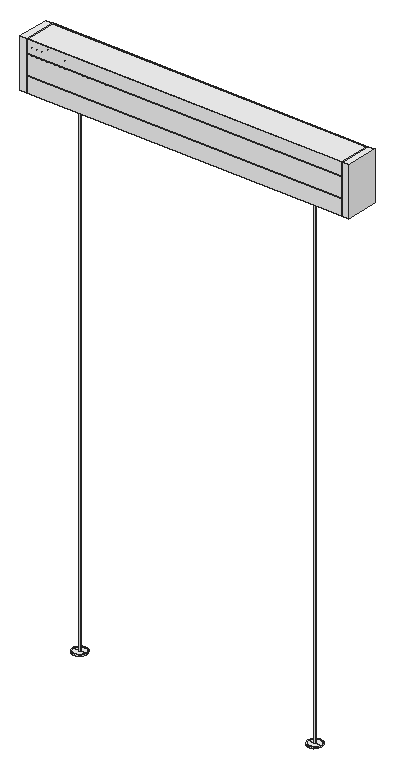
Revit family "2.3 inch  MAGIC WALL WASH LINEAR LIGHT", category Lighting Fixtures, host Face, Revit 2020 (continued)
Types (17): name | Wattage Comments | Wattage | Wall Mount | Suspenders Distance | Surface Mount | Recessed Mount | Photometric Web File | Pendent Mount | Order number | built-in parameter 1150142 | Model | built-in parameter 1150105 | Lumens | Light Source Height | Light Source Distance | built-in parameter 1150106 | Fixture Length
    5.52   774.35   \r\n 763.27   752.28   741.36   730.48   719.70   709.01   698.44   688.08   677.81   667.65   \r\n 657.58   647.74   638.05   628.45   618.92   609.47   600.14   590.90   581.73   572.65   \r\n 563.70   554.97   545.42   535.45   525.55   515.70   505.85   496.08   486.39   476.76   \r\n 467.22   457.87   448.57   439.34   430.17   421.06   412.03   403.07   394.18   385.35   \r\n 376.59   367.90   359.28   350.74   342.24   333.80   325.40   317.06   308.76   300.48   \r\n 292.41   284.47   276.58   268.73   260.93   253.18   245.50   237.86   230.27   222.71   \r\n 215.19   207.71   200.27   192.87   185.50   178.16   170.86   163.58   156.34   149.12   \r\n 141.94   134.78   127.64   120.53   113.45   106.39   101.50   97.30    93.12    88.96    \r\n 84.81    80.68    76.57    72.46    68.38    64.30    60.23    56.18    52.13    48.10    \r\n 44.07    40.05    36.04    32.03    28.03    24.04    20.04    16.06    12.07    8.08     \r\n 4.10     4.10     4.10     4.10     4.10     4.10     4.10     4.10     4.10     4.10     \r\n 4.10     4.10     4.10     4.10     4.10     4.10     4.10     4.10     4.10     4.10     \r\n 4.10     4.10     4.10     4.10     4.09     4.09     4.09     4.09     4.10     4.10     \r\n 4.10     4.09     4.09     4.09     4.09     4.08     4.08     4.07     4.06     4.06     \r\n 4.05     4.04     4.03     4.02     4.00     3.99     3.98     3.96     3.95     3.93     \r\n 3.91     3.90     3.89     3.89     3.88     3.88     3.88     3.88     3.88     3.88     \r\n 3.88     3.89     3.89     3.90     3.92     3.94     3.96     3.98     4.01     4.03     \r\n 4.06     4.10     4.14     4.19     4.23     4.27     4.32     4.37     4.41     4.47     \r\n 4.54     4.60     4.67     4.74     4.82     4.89     4.97     5.05     5.13     5.21     \r\n 5.30     5.37     5.45     5.53     5.61     5.68     5.75     5.81     5.88     5.94     \r\n 6.01     6.07     6.13     6.19     6.24     6.29     6.34     6.38     6.43     6.48     \r\n 6.50     6.48     6.46     6.44     6.42     6.40     6.38     6.36     6.34     6.32     \r\n 6.30     6.28     6.25     6.23     6.20     6.17     6.15     6.11     6.08     6.05     \r\n 6.01     5.98     5.95     5.93     5.90     5.86     5.83     5.79     5.76     5.73     \r\n 5.70     5.67     5.62     5.57     5.53     5.48     5.44     5.40     5.36     5.32     \r\n 5.28     5.24     5.20     5.17     5.13     5.09     5.05     5.02     4.98     4.95     \r\n 4.91     4.88     4.85     4.81     4.78     4.75     4.72     4.68     4.65     4.62     \r\n 4.59     4.56     4.53     4.50     4.47     4.44     4.41     4.37     4.34     4.30     \r\n 4.26     \r\n1793.11  1783.38  1773.66  1763.94  1754.22  1743.89  1733.57  1723.26  1712.96  1702.78  \r\n 1692.61  1682.45  1672.30  1661.85  1651.37  1640.89  1630.39  1619.84  1609.27  1598.69  \r\n 1588.10  1577.10  1566.09  1555.08  1544.10  1533.06  1522.06  1511.10  1500.19  1488.85  \r\n 1477.42  1466.01  1454.64  1443.23  1431.81  1417.88  1402.41  1386.68  1370.75  1354.91  \r\n 1339.17  1323.55  1308.06  1292.68  1277.40  1262.23  1247.24  1232.36  1217.60  1202.95  \r\n 1188.41  1173.98  1159.68  1145.51  1131.58  1117.86  1104.25  1090.74  1077.39  1064.53  \r\n 1051.79  1039.18  1026.70  1014.13  1001.55  989.07   976.69   964.51   952.16   939.12   \r\n 926.19   913.36   900.57   887.82   875.20   862.69   850.31   838.27   826.46   814.74   \r\n 803.12   791.59   780.17   768.89   757.73   746.70   735.79   725.04   714.41   703.88   \r\n 693.45   683.12   673.01   663.14   653.36   643.65   634.03   624.49   614.94   604.32   \r\n 593.48   582.72   572.04   561.48   551.08   540.76   530.52   520.35   510.25   500.24   \r\n 490.38   480.59   470.86   461.21   451.62   442.10   432.65   423.26   413.94   404.67   \r\n 395.46   386.32   377.23   368.23   359.32   350.45   341.63   332.90   324.48   316.10   \r\n 307.75   299.44   291.15   282.90   274.70   266.54   258.42   250.35   242.31   234.32   \r\n 226.37   218.45   210.57   202.73   194.91   187.13   179.37   171.65   163.95   156.28   \r\n 148.63   141.01   133.42   125.85   118.69   114.14   109.60   105.08   100.57   96.08    \r\n 91.60    87.14    82.68    78.24    73.82    69.40    64.99    60.59    56.20    51.82    \r\n 47.44    43.08    38.72    34.36    30.01    25.66    21.32    16.98    12.64    8.30     \r\n 3.96     3.96     3.96     3.96     3.96     3.96     3.96     3.96     3.96     3.96     \r\n 3.96     3.96     3.96     3.96     3.96     3.96     3.95     3.95     3.95     3.95     \r\n 3.95     3.94     3.94     3.94     3.93     3.93     3.92     3.91     3.89     3.87     \r\n 3.85     3.83     3.81     3.79     3.77     3.75     3.73     3.70     3.68     3.65     \r\n 3.62     3.60     3.58     3.56     3.54     3.52     3.50     3.49     3.47     3.45     \r\n 3.43     3.41     3.39     3.38     3.41     3.45     3.49     3.53     3.57     3.61     \r\n 3.65     3.69     3.73     3.77     3.81     3.85     3.90     3.94     3.98     4.03     \r\n 4.07     4.12     4.17     4.22     4.27     4.32     4.37     4.43     4.48     4.54     \r\n 4.59     4.65     4.71     4.79     4.86     4.93     5.00     5.08     5.15     5.21     \r\n 5.28     5.34     5.40     5.46     5.52     5.58     5.64     5.70     5.76     5.82     \r\n 5.88     5.94     5.99     6.05     6.10     6.16     6.22     6.27     6.32     6.36     \r\n 6.40     6.43     6.47     6.48     6.46     6.43     6.41     6.39     6.36     6.33     \r\n 6.30     6.26     6.23     6.20     6.17     6.15     6.12     6.08     6.04     6.00     \r\n 5.97     5.93     5.90     5.86     5.83     5.80     5.76     5.72     5.67     5.63     \r\n 5.59     5.55     5.50     5.46     5.42     5.37     5.33     5.29     5.25     5.22     \r\n 5.18     5.15     5.11     5.08     5.04     5.01     4.98     4.95     4.92     4.89     \r\n 4.86     4.82     4.79     4.76     4.73     4.70     4.68     4.65     4.62     4.59     \r\n 4.56     4.54     4.51     4.48     4.45     4.42     4.40     4.36     4.33     4.29     \r\n 4.26     \r\n1793.11  1784.37  1775.63  1766.89  1758.16  1749.29  1740.05  1730.82  1721.59  1712.38  \r\n 1703.22  1694.11  1685.02  1675.94  1666.88  1657.58  1648.21  1638.83  1629.44  1620.04  \r\n 1610.60  1601.14  1591.68  1582.20  1572.66  1562.87  1553.09  1543.33  1533.59  1523.86  \r\n 1514.16  1504.51  1494.90  1485.07  1470.87  1456.43  1442.05  1427.72  1413.44  1399.18  \r\n 1384.94  1370.76  1356.63  1342.57  1328.34  1314.01  1299.76  1285.60  1271.52  1257.57  \r\n 1243.74  1230.01  1216.37  1202.82  1189.40  1176.16  1163.03  1149.99  1137.05  1124.22  \r\n 1111.53  1098.95  1086.47  1074.11  1061.85  1049.75  1035.36  1021.10  1006.98  993.00   \r\n 979.22   965.88   952.66   939.55   926.56   913.68   900.85   888.08   875.46   862.98   \r\n 850.64   838.45   826.64   815.09   803.63   792.26   780.97   769.77   758.66   747.66   \r\n 736.76   725.96   715.25   704.63   694.12   683.78   673.00   661.40   649.90   638.47   \r\n 627.14   615.92   604.93   594.00   583.14   572.35   561.63   550.97   540.38   529.83   \r\n 519.35   508.95   498.61   488.34   478.15   468.02   457.96   448.01   438.11   428.27   \r\n 418.49   408.75   399.07   389.44   379.86   370.45   361.47   352.53   343.63   334.77   \r\n 325.95   317.16   308.42   299.71   291.04   282.41   273.82   265.26   256.74   248.25   \r\n 239.80   231.37   222.98   214.61   206.28   197.97   189.69   181.44   173.21   165.02   \r\n 156.84   148.69   140.56   133.40   128.47   123.56   118.65   113.77   108.89   104.03   \r\n 99.18    94.34    89.51    84.70    79.89    75.09    70.30    65.52    60.74    55.97    \r\n 51.21    46.46    41.71    36.96    32.22    27.48    22.75    18.01    13.28    8.55     \r\n 3.82     3.82     3.82     3.82     3.82     3.82     3.82     3.82     3.81     3.81     \r\n 3.81     3.81     3.81     3.80     3.80     3.80     3.80     3.79     3.79     3.79     \r\n 3.78     3.78     3.77     3.77     3.77     3.76     3.75     3.75     3.73     3.72     \r\n 3.70     3.68     3.67     3.65     3.64     3.62     3.61     3.59     3.58     3.57     \r\n 3.55     3.54     3.53     3.51     3.50     3.49     3.47     3.46     3.45     3.44     \r\n 3.43     3.42     3.41     3.40     3.39     3.38     3.42     3.46     3.51     3.56     \r\n 3.61     3.66     3.71     3.76     3.81     3.87     3.92     3.97     4.03     4.08     \r\n 4.13     4.19     4.24     4.30     4.36     4.42     4.47     4.53     4.59     4.65     \r\n 4.72     4.78     4.85     4.92     5.00     5.07     5.14     5.22     5.30     5.38     \r\n 5.46     5.54     5.61     5.68     5.74     5.80     5.87     5.92     5.98     6.02     \r\n 6.06     6.10     6.13     6.16     6.20     6.22     6.25     6.27     6.29     6.30     \r\n 6.32     6.34     6.36     6.37     6.39     6.40     6.37     6.33     6.28     6.24     \r\n 6.20     6.16     6.13     6.09     6.05     6.02     5.98     5.95     5.92     5.88     \r\n 5.85     5.81     5.78     5.74     5.70     5.66     5.63     5.58     5.54     5.50     \r\n 5.46     5.41     5.37     5.33     5.29     5.25     5.20     5.16     5.13     5.10     \r\n 5.07     5.04     5.01     4.98     4.96     4.93     4.90     4.87     4.84     4.82     \r\n 4.79     4.76     4.73     4.71     4.68     4.66     4.63     4.61     4.58     4.56     \r\n 4.53     4.51     4.48     4.46     4.43     4.41     4.38     4.35     4.32     4.29     \r\n 4.26     \r\n1793.11  1785.42  1777.73  1770.05  1762.37  1754.69  1746.95  1738.86  1730.78  1722.71  \r\n 1714.64  1706.59  1698.56  1690.60  1682.65  1674.71  1666.78  1658.86  1650.85  1642.66  \r\n 1634.46  1626.26  1618.05  1609.83  1601.60  1593.33  1585.07  1576.80  1568.52  1560.24  \r\n 1551.86  1543.40  1534.17  1521.14  1508.15  1495.19  1482.28  1469.44  1456.64  1443.88  \r\n 1431.17  1418.49  1405.75  1392.74  1379.78  1366.87  1354.00  1341.18  1328.40  1315.65  \r\n 1302.94  1290.29  1277.68  1265.13  1252.63  1240.07  1227.49  1214.99  1202.55  1190.18  \r\n 1177.89  1165.66  1153.61  1141.63  1127.37  1112.85  1098.44  1084.14  1069.97  1056.03  \r\n 1042.20  1028.49  1014.88  1001.38  987.99   974.71   961.54   948.47   935.50   922.63   \r\n 909.85   897.18   884.60   872.23   860.01   847.89   835.88   823.97   812.17   800.46   \r\n 788.86   777.46   766.15   754.93   743.18   730.74   718.38   706.11   693.92   681.89   \r\n 669.96   658.10   646.32   634.60   622.96   611.40   599.90   588.47   577.14   565.91   \r\n 554.74   543.65   532.62   521.66   510.77   499.94   489.18   478.48   467.82   457.19   \r\n 446.61   436.09   425.62   415.21   405.49   395.84   386.24   376.68   367.16   357.69   \r\n 348.29   338.93   329.60   320.31   311.05   301.82   292.63   283.46   274.32   265.21   \r\n 256.13   247.08   238.06   229.06   220.09   211.15   202.24   193.35   184.48   175.64   \r\n 166.82   158.01   150.14   144.79   139.45   134.12   128.81   123.51   118.22   112.94   \r\n 107.67   102.41   97.15    91.91    86.68    81.45    76.23    71.02    65.82    60.62    \r\n 55.42    50.23    45.05    39.87    34.69    29.51    24.34    19.17    14.00    8.84     \r\n 3.67     3.66     3.66     3.65     3.64     3.64     3.63     3.62     3.62     3.61     \r\n 3.60     3.59     3.59     3.58     3.57     3.56     3.55     3.55     3.54     3.53     \r\n 3.52     3.51     3.50     3.49     3.48     3.47     3.45     3.44     3.43     3.43     \r\n 3.42     3.42     3.42     3.41     3.41     3.41     3.41     3.41     3.41     3.41     \r\n 3.41     3.41     3.41     3.42     3.42     3.42     3.43     3.43     3.43     3.44     \r\n 3.45     3.45     3.46     3.47     3.48     3.49     3.50     3.51     3.57     3.64     \r\n 3.70     3.77     3.84     3.91     3.98     4.05     4.12     4.20     4.27     4.35     \r\n 4.43     4.51     4.60     4.68     4.75     4.83     4.91     4.99     5.06     5.14     \r\n 5.22     5.30     5.38     5.46     5.53     5.61     5.68     5.73     5.76     5.79     \r\n 5.82     5.84     5.87     5.89     5.91     5.94     5.96     5.98     6.00     6.03     \r\n 6.05     6.07     6.09     6.10     6.11     6.12     6.13     6.13     6.13     6.14     \r\n 6.13     6.13     6.13     6.13     6.13     6.13     6.13     6.12     6.10     6.07     \r\n 6.04     6.01     5.97     5.94     5.91     5.88     5.84     5.80     5.76     5.72     \r\n 5.68     5.64     5.60     5.56     5.53     5.49     5.45     5.41     5.37     5.33     \r\n 5.30     5.26     5.22     5.18     5.15     5.11     5.08     5.05     5.01     4.99     \r\n 4.96     4.94     4.91     4.89     4.86     4.84     4.81     4.79     4.77     4.74     \r\n 4.72     4.70     4.67     4.65     4.63     4.61     4.58     4.56     4.54     4.52     \r\n 4.50     4.47     4.45     4.43     4.41     4.38     4.36     4.33     4.31     4.29     \r\n 4.26     \r\n1793.11  1786.53  1779.95  1773.38  1766.81  1760.24  1753.67  1747.10  1740.45  1733.58  \r\n 1726.72  1719.87  1713.02  1706.17  1699.34  1692.51  1685.72  1678.97  1672.23  1665.50  \r\n 1658.78  1652.07  1645.37  1638.68  1631.83  1624.88  1617.94  1610.99  1604.04  1597.08  \r\n 1590.13  1583.17  1571.35  1559.51  1547.71  1535.95  1524.21  1512.52  1500.85  1489.22  \r\n 1477.53  1465.81  1454.12  1442.46  1430.83  1419.22  1407.65  1396.10  1384.61  1373.19  \r\n 1361.80  1350.44  1339.12  1327.83  1316.58  1305.36  1294.17  1282.80  1271.41  1260.06  \r\n 1248.75  1237.47  1225.39  1211.03  1196.76  1182.56  1168.44  1154.41  1140.46  1126.59  \r\n 1112.80  1099.09  1085.46  1071.91  1058.44  1044.98  1031.57  1018.24  1004.98  991.80   \r\n 978.70   965.67   952.72   939.84   927.04   914.38   901.83   889.36   876.96   864.63   \r\n 852.38   840.20   828.07   814.59   801.19   787.87   774.75   761.70   748.72   735.81   \r\n 722.97   710.20   697.49   684.86   672.29   659.78   647.34   634.97   622.63   610.36   \r\n 598.16   586.02   573.94   561.92   549.96   538.07   526.23   514.45   502.72   491.06   \r\n 479.44   467.91   456.79   446.48   436.20   425.96   415.75   405.57   395.43   385.31   \r\n 375.22   365.17   355.14   345.14   335.17   325.23   315.31   305.42   295.56   285.72   \r\n 275.91   266.12   256.36   246.61   236.89   227.18   217.50   207.83   198.18   188.55   \r\n 178.94   169.43   163.60   157.78   151.97   146.17   140.39   134.61   128.84   123.08   \r\n 117.33   111.59   105.86   100.13   94.41    88.70    82.99    77.29    71.59    65.90    \r\n 60.21    54.53    48.85    43.18    37.50    31.83    26.16    20.50    14.83    9.17     \r\n 3.50     3.48     3.46     3.44     3.42     3.40     3.38     3.36     3.34     3.32     \r\n 3.30     3.27     3.25     3.23     3.21     3.18     3.16     3.13     3.11     3.08     \r\n 3.06     3.03     3.01     2.98     2.95     2.92     2.89     2.86     2.83     2.80     \r\n 2.82     2.84     2.86     2.88     2.90     2.93     2.95     2.97     3.00     3.02     \r\n 3.05     3.08     3.11     3.14     3.18     3.22     3.25     3.29     3.33     3.36     \r\n 3.40     3.44     3.48     3.52     3.56     3.60     3.63     3.67     3.71     3.78     \r\n 3.85     3.93     4.00     4.08     4.15     4.23     4.30     4.38     4.46     4.53     \r\n 4.61     4.69     4.76     4.84     4.92     4.99     5.06     5.13     5.20     5.28     \r\n 5.35     5.42     5.49     5.56     5.63     5.70     5.77     5.84     5.91     5.92     \r\n 5.93     5.93     5.94     5.95     5.95     5.96     5.96     5.96     5.96     5.96     \r\n 5.96     5.96     5.96     5.96     5.96     5.96     5.95     5.95     5.94     5.93     \r\n 5.92     5.92     5.91     5.90     5.89     5.88     5.88     5.87     5.86     5.83     \r\n 5.80     5.76     5.73     5.69     5.66     5.62     5.59     5.55     5.52     5.48     \r\n 5.45     5.42     5.38     5.35     5.32     5.29     5.26     5.23     5.20     5.17     \r\n 5.14     5.11     5.08     5.05     5.02     4.98     4.95     4.92     4.89     4.86     \r\n 4.84     4.82     4.80     4.78     4.76     4.74     4.72     4.70     4.68     4.66     \r\n 4.64     4.62     4.61     4.59     4.57     4.55     4.53     4.51     4.49     4.47     \r\n 4.46     4.44     4.42     4.40   
      4.38     4.36     4.34     4.32     4.30     4.28     \r\n 4.26     \r\n1793.11  1787.69  1782.28  1776.86  1771.45  1766.03  1760.62  1755.22  1749.81  1744.40  \r\n 1739.00  1733.60  1728.11  1722.51  1716.92  1711.34  1705.76  1700.18  1694.61  1689.05  \r\n 1683.49  1677.94  1672.40  1666.86  1661.37  1655.89  1650.42  1644.96  1639.50  1634.06  \r\n 1628.62  1620.31  1609.73  1599.16  1588.61  1578.08  1567.40  1556.73  1546.10  1535.49  \r\n 1524.92  1514.37  1503.85  1493.36  1482.90  1472.47  1462.07  1451.70  1441.32  1430.94  \r\n 1420.59  1410.27  1399.97  1389.69  1379.45  1369.22  1359.02  1348.85  1338.70  1328.58  \r\n 1318.49  1307.43  1293.54  1279.71  1265.93  1252.21  1238.53  1224.91  1211.34  1197.82  \r\n 1184.36  1170.94  1157.58  1144.26  1131.00  1117.81  1104.66  1091.55  1078.49  1065.48  \r\n 1052.51  1039.59  1026.70  1013.87  1001.07  988.32   975.61   962.95   950.33   937.74   \r\n 925.16   912.41   898.23   884.11   870.03   856.01   842.04   828.12   814.25   800.42   \r\n 786.65   772.93   759.25   745.62   732.04   718.51   705.02   691.58   678.18   664.84   \r\n 651.53   638.27   625.05   611.88   598.74   585.65   572.60   559.58   546.61   533.67   \r\n 520.77   508.30   497.09   485.90   474.75   463.62   452.53   441.46   430.42   419.41   \r\n 408.45   397.50   386.58   375.68   364.80   353.95   343.12   332.30   321.51   310.74   \r\n 299.99   289.26   278.54   267.84   257.17   246.50   235.86   225.23   214.61   204.01   \r\n 193.43   185.23   178.88   172.53   166.19   159.86   153.54   147.22   140.92   134.61   \r\n 128.32   122.03   115.75   109.47   103.20   96.93    90.67    84.41    78.15    71.90    \r\n 65.65    59.41    53.17    46.93    40.69    34.45    28.22    21.99    15.75    9.52     \r\n 3.29     3.27     3.25     3.23     3.21     3.20     3.18     3.16     3.14     3.12     \r\n 3.10     3.08     3.06     3.04     3.02     3.00     2.99     2.97     2.95     2.93     \r\n 2.91     2.89     2.87     2.86     2.84     2.82     2.80     2.78     2.77     2.75     \r\n 2.76     2.81     2.86     2.92     2.97     3.02     3.07     3.13     3.18     3.23     \r\n 3.29     3.34     3.40     3.45     3.51     3.56     3.62     3.68     3.73     3.79     \r\n 3.85     3.91     3.97     4.02     4.07     4.13     4.18     4.23     4.29     4.34     \r\n 4.39     4.44     4.48     4.53     4.58     4.63     4.67     4.72     4.76     4.81     \r\n 4.85     4.90     4.94     4.99     5.03     5.08     5.12     5.17     5.22     5.26     \r\n 5.31     5.36     5.40     5.45     5.50     5.54     5.59     5.64     5.68     5.73     \r\n 5.74     5.74     5.74     5.74     5.74     5.73     5.73     5.73     5.73     5.72     \r\n 5.72     5.71     5.70     5.70     5.69     5.68     5.67     5.66     5.65     5.64     \r\n 5.63     5.62     5.61     5.60     5.59     5.58     5.56     5.55     5.54     5.53     \r\n 5.51     5.48     5.45     5.43     5.40     5.37     5.35     5.32     5.29     5.27     \r\n 5.24     5.21     5.19     5.16     5.13     5.11     5.08     5.05     5.03     5.00     \r\n 4.97     4.95     4.92     4.89     4.87     4.84     4.81     4.79     4.76     4.74     \r\n 4.71     4.70     4.68     4.67     4.65     4.64     4.62     4.61     4.59     4.58     \r\n 4.56     4.54     4.53     4.51     4.50     4.48     4.47     4.46     4.44     4.43     \r\n 4.41     4.40     4.38     4.36     4.35     4.33     4.32     4.30     4.29     4.28     \r\n 4.26     \r\n1793.11  1788.89  1784.68  1780.47  1776.25  1772.04  1767.83  1763.62  1759.41  1755.20  \r\n 1750.99  1746.79  1742.58  1738.38  1734.18  1729.98  1725.78  1721.58  1717.39  1713.19  \r\n 1709.00  1704.82  1700.63  1696.45  1692.18  1687.91  1683.64  1679.38  1675.12  1670.86  \r\n 1666.61  1657.64  1648.09  1638.56  1629.04  1619.54  1610.05  1600.57  1591.10  1581.65  \r\n 1572.21  1562.78  1553.37  1543.96  1534.58  1525.20  1515.84  1506.49  1497.14  1487.79  \r\n 1478.45  1469.12  1459.80  1450.49  1441.19  1431.89  1422.61  1413.33  1404.07  1394.81  \r\n 1385.56  1373.15  1360.02  1346.91  1333.81  1320.74  1307.68  1294.65  1281.63  1268.63  \r\n 1255.65  1242.68  1229.74  1216.82  1203.91  1191.02  1178.14  1165.29  1152.45  1139.63  \r\n 1126.83  1114.05  1101.29  1088.54  1075.81  1063.10  1050.40  1037.73  1025.07  1012.42  \r\n 999.80   985.58   970.93   956.30   941.70   927.12   912.57   898.03   883.52   869.04   \r\n 854.57   840.13   825.71   811.31   796.93   782.58   768.24   753.91   739.60   725.30   \r\n 711.04   696.79   682.57   668.37   654.20   640.04   625.91   611.80   597.70   583.63   \r\n 569.58   557.07   544.93   532.81   520.70   508.61   496.53   484.47   472.43   460.40   \r\n 448.38   436.38   424.40   412.42   400.46   388.52   376.59   364.67   352.76   340.86   \r\n 328.98   317.11   305.25   293.39   281.55   269.72   257.90   246.09   234.29   222.50   \r\n 210.72   203.24   196.30   189.36   182.43   175.50   168.58   161.65   154.74   147.82   \r\n 140.91   134.00   127.09   120.19   113.29   106.39   99.50    92.61    85.71    78.82    \r\n 71.94    65.05    58.17    51.28    44.40    37.52    30.64    23.76    16.88    10.00    \r\n 3.12     3.11     3.11     3.11     3.10     3.10     3.10     3.09     3.09     3.09     \r\n 3.08     3.08     3.07     3.07     3.07     3.06     3.06     3.06     3.05     3.05     \r\n 3.05     3.04     3.04     3.04     3.04     3.03     3.03     3.03     3.03     3.02     \r\n 3.03     3.08     3.13     3.19     3.24     3.29     3.35     3.40     3.45     3.51     \r\n 3.56     3.61     3.67     3.72     3.77     3.83     3.88     3.93     3.98     4.04     \r\n 4.09     4.14     4.19     4.25     4.30     4.35     4.40     4.46     4.51     4.56     \r\n 4.61     4.64     4.67     4.71     4.74     4.77     4.80     4.83     4.87     4.90     \r\n 4.93     4.96     4.99     5.02     5.05     5.09     5.12     5.15     5.18     5.21     \r\n 5.24     5.27     5.29     5.32     5.35     5.38     5.41     5.44     5.46     5.49     \r\n 5.51     5.50     5.50     5.49     5.48     5.47     5.46     5.45     5.44     5.43     \r\n 5.43     5.42     5.41     5.40     5.39     5.38     5.37     5.36     5.35     5.34     \r\n 5.33     5.32     5.31     5.30     5.29     5.28     5.26     5.25     5.24     5.23     \r\n 5.22     5.20     5.18     5.15     5.13     5.11     5.09     5.07     5.04     5.02     \r\n 5.00     4.98     4.96     4.94     4.91     4.89     4.87     4.85     4.83     4.81     \r\n 4.78     4.76     4.74     4.72     4.70     4.67     4.65     4.63     4.61     4.59     \r\n 4.57     4.56     4.54     4.53     4.52     4.51     4.50     4.49     4.48     4.47     \r\n 4.46     4.45     4.44     4.43     4.42     4.41     4.40     4.39     4.38     4.37     \r\n 4.36     4.35     4.34     4.33     4.32     4.31     4.30     4.29     4.28     4.27     \r\n 4.26     \r\n1793.11  1790.13  1787.15  1784.17  1781.19  1778.20  1775.22  1772.24  1769.26  1766.28  \r\n 1763.30  1760.32  1757.34  1754.36  1751.38  1748.40  1745.42  1742.44  1739.46  1736.48  \r\n 1733.49  1730.51  1727.53  1724.55  1721.57  1718.59  1715.61  1712.63  1709.65  1706.67  \r\n 1703.69  1695.24  1686.79  1678.34  1669.89  1661.44  1652.99  1644.54  1636.08  1627.63  \r\n 1619.18  1610.73  1602.28  1593.83  1585.38  1576.93  1568.48  1560.03  1551.58  1543.13  \r\n 1534.68  1526.23  1517.78  1509.33  1500.88  1492.43  1483.98  1475.53  1467.08  1458.63  \r\n 1450.18  1437.66  1425.14  1412.62  1400.10  1387.59  1375.07  1362.55  1350.03  1337.51  \r\n 1324.99  1312.47  1299.96  1287.44  1274.92  1262.40  1249.88  1237.36  1224.85  1212.33  \r\n 1199.81  1187.29  1174.77  1162.25  1149.73  1137.22  1124.70  1112.18  1099.66  1087.14  \r\n 1074.62  1059.58  1044.53  1029.48  1014.43  999.38   984.34   969.29   954.24   939.19   \r\n 924.15   909.10   894.05   879.00   863.95   848.91   833.86   818.81   803.76   788.72   \r\n 773.67   758.62   743.57   728.52   713.48   698.43   683.38   668.33   653.28   638.24   \r\n 623.19   610.10   597.01   583.92   570.83   557.75   544.66   531.57   518.48   505.39   \r\n 492.30   479.21   466.12   453.03   439.95   426.86   413.77   400.68   387.59   374.50   \r\n 361.41   348.32   335.24   322.15   309.06   295.97   282.88   269.79   256.70   243.61   \r\n 230.53   222.94   215.36   207.77   200.19   192.60   185.02   177.43   169.85   162.26   \r\n 154.68   147.09   139.51   131.92   124.34   116.75   109.17   101.58   94.00    86.41    \r\n 78.83    71.24    63.66    56.07    48.49    40.91    33.32    25.74    18.15    10.57    \r\n 2.98     2.99     3.01     3.02     3.03     3.04     3.06     3.07     3.08     3.09     \r\n 3.11     3.12     3.13     3.14     3.16     3.17     3.18     3.19     3.21     3.22     \r\n 3.23     3.24     3.26     3.27     3.28     3.29     3.31     3.32     3.33     3.34     \r\n 3.36     3.40     3.44     3.47     3.51     3.55     3.59     3.63     3.67     3.71     \r\n 3.75     3.79     3.83     3.87     3.91     3.95     3.99     4.03     4.06     4.10     \r\n 4.14     4.18     4.22     4.26     4.30     4.34     4.38     4.42     4.46     4.50     \r\n 4.54     4.56     4.58     4.60     4.62     4.64     4.66     4.69     4.71     4.73     \r\n 4.75     4.77     4.79     4.81     4.83     4.86     4.88     4.90     4.92     4.94     \r\n 4.96     4.98     5.00     5.03     5.05     5.07     5.09     5.11     5.13     5.15     \r\n 5.17     5.16     5.16     5.15     5.14     5.13     5.12     5.11     5.10     5.10     \r\n 5.09     5.08     5.07     5.06     5.05     5.04     5.04     5.03     5.02     5.01     \r\n 5.00     4.99     4.98     4.97     4.97     4.96     4.95     4.94     4.93     4.92     \r\n 4.91     4.90     4.88     4.86     4.84     4.83     4.81     4.79     4.77     4.76     \r\n 4.74     4.72     4.70     4.69     4.67     4.65     4.63     4.62     4.60     4.58     \r\n 4.56     4.55     4.53     4.51     4.49     4.48     4.46     4.44     4.42     4.41     \r\n 4.39     4.39     4.38     4.38     4.37     4.37     4.36     4.36     4.36     4.35     \r\n 4.35     4.34     4.34     4.33     4.33     4.33     4.32     4.32     4.31     4.31     \r\n 4.30     4.30     4.30     4.29     4.29     4.28     4.28     4.27     4.27     4.27     \r\n 4.26     \r\n" | "MAG1223-SW1-RSM-WD-FDL" | 366.06 (stored number, unit not read) | 4600 lm | 0' - 0" | 0' - 0" | 3.6606 (stored number, unit not read) | 3' - 11 23/32"
  MAG2423-SW1-RSM-WD-FDL | "40W/60W/80W" | 61.9354 W | no | 7' - 4 133/256" | no | yes | "generic" | no | "18381" | (empty or 0) | "MAG2423-SW1-RSM-WD-FDL" | 732.11 (stored number, unit not read) | 9200 lm | 0' - 0" | 0' - 0" | 7.3211 (stored number, unit not read) | 7' - 11 61/256"
  MAG0623-SW1-WM-WD-FDL | "10W/15W/20W" | 15.4838 W | yes | 1' - 4 251/256" | no | no | "generic" | no | "18382" | (empty or 0) | "MAG0623-SW1-WM-WD-FDL" | 183.03 (stored number, unit not read) | 2300 lm | 0' - 1 1/2" | 0' - 3" | 1.8303 (stored number, unit not read) | 1' - 11 179/256"
  MAG0923-SW1-WM-WD-FDL | "15W/20W/30W" | 23.2258 W | yes | 2' - 4 127/128" | no | no | "generic" | no | "18383" | (empty or 0) | "MAG0923-SW1-WM-WD-FDL" | 274.54 (stored number, unit not read) | 3450 lm | 0' - 1 1/2" | 0' - 3" | 2.7454 (stored number, unit not read) | 2' - 11 91/128"
